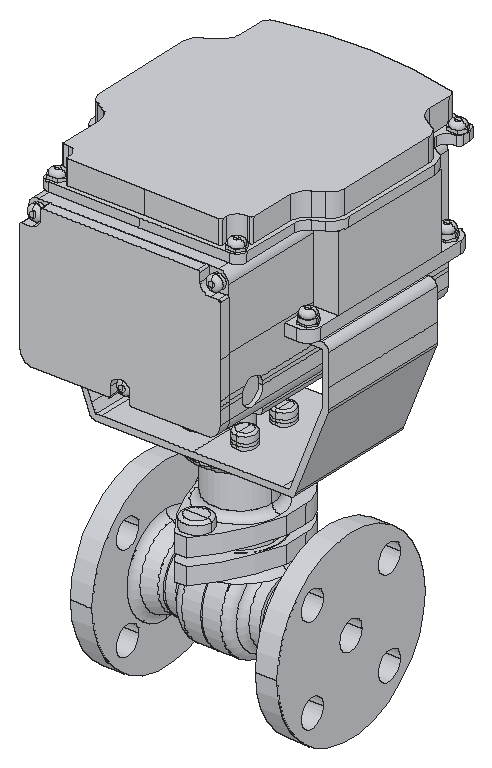
Revit family "電動二方弁(ロゴなし)", category Electrical Equipment, Revit 2022 (continued)
Automatic sketch dimensions
  Extrusion 41 sketch curve to Extrusion 41 sketch curve = 3.7 mm
  Extrusion 41 sketch curve to Extrusion 41 sketch curve = 7 mm
  plane 1 "中心(正面/背面)" to Extrusion 41 sketch curve = 36.395 mm
  Extrusion 41 sketch curve to plane 1 "中心(正面/背面)" = 60.605 mm
  Extrusion 41 sketch curve to Extrusion 41 sketch curve = 0.7 mm
  Extrusion 41 sketch curve to Extrusion 41 sketch curve = 7.785 mm
  Extrusion 41 sketch curve to Extrusion 41 sketch curve = 2.098 mm
  Extrusion 41 sketch curve to Extrusion 41 sketch curve = 0 mm
  Extrusion 41 sketch curve to Extrusion 41 sketch curve = 1.226 mm
  Extrusion 42 sketch curve to plane 3 "中心(左/右)" = 51.5 mm
  Extrusion 42 sketch curve to Extrusion 42 sketch curve = 5.8 mm
  Extrusion 42 sketch curve to Extrusion 42 sketch curve = 6 mm
  Extrusion 42 sketch curve to Extrusion 42 sketch curve = 6.5 mm
  Extrusion 42 sketch curve to Extrusion 42 sketch curve = 0.5 mm
  Extrusion 42 sketch curve to Extrusion 42 sketch curve = 3.7 mm
  Extrusion 42 sketch curve to Extrusion 42 sketch curve = 7 mm
  Extrusion 42 sketch curve to plane 1 "中心(正面/背面)" = 69.302 mm
  Extrusion 42 sketch curve to Extrusion 42 sketch curve = 0.212 mm
  Extrusion 42 sketch curve to Extrusion 42 sketch curve = 7.997 mm
  Extrusion 42 sketch curve to Extrusion 42 sketch curve = 0.7 mm
  plane 1 "中心(正面/背面)" to Extrusion 42 sketch curve = 29.395 mm
  Extrusion 42 sketch curve to Extrusion 42 sketch curve = 0 mm
  Extrusion 42 sketch curve to Extrusion 42 sketch curve = 1.226 mm
  Extrusion 43 sketch curve to plane 3 "中心(左/右)" = 64.592 mm
  Extrusion 43 sketch curve to Extrusion 43 sketch curve = 3.729 mm
  Extrusion 43 sketch curve to Extrusion 43 sketch curve = 1.085 mm  (x2)
  Extrusion 43 sketch curve to Extrusion 43 sketch curve = 2.797 mm  (x4)
  Extrusion 43 sketch curve to Extrusion 43 sketch curve = 7.85 mm
  Extrusion 43 sketch curve to Extrusion 43 sketch curve = 2.643 mm
  Extrusion 43 sketch curve to level = 130.361 mm
  Extrusion 43 sketch curve to Extrusion 43 sketch curve = 1.447 mm
  Extrusion 44 sketch curve to plane 3 "中心(左/右)" = 28.5 mm
  plane 3 "中心(左/右)" to Extrusion 44 sketch curve = 28.5 mm
  level to Extrusion 44 sketch curve = 161 mm
  Extrusion 44 sketch curve to Extrusion 44 sketch curve = 0.788 mm
  Revolve 45 sketch curve to plane 3 "中心(左/右)" = 60.5 mm
  Revolve 45 sketch curve to Revolve 45 sketch curve = 2.25 mm
  level to Revolve 45 sketch curve = 197.236 mm
  Revolve 45 sketch curve to Revolve 45 sketch curve = 2.264 mm
  Revolve 45 sketch curve to Revolve 45 sketch curve = 0 mm
  Revolve 45 sketch curve to Revolve 45 sketch curve = 0.936 mm
  Revolve 45 sketch curve to Revolve 45 sketch curve = 1.8 mm
  Revolve 46 sketch curve to plane 3 "中心(左/右)" = 60.5 mm
  Revolve 46 sketch curve to Revolve 46 sketch curve = 2.25 mm
  level to Revolve 46 sketch curve = 197.236 mm
  Revolve 46 sketch curve to Revolve 46 sketch curve = 2.264 mm
  Revolve 46 sketch curve to Revolve 46 sketch curve = 0 mm
  Revolve 46 sketch curve to Revolve 46 sketch curve = 0.936 mm
  Revolve 46 sketch curve to Revolve 46 sketch curve = 1.8 mm
  plane 3 "中心(左/右)" to Revolve 47 sketch curve = 56.375 mm
  Revolve 47 sketch curve to Revolve 47 sketch curve = 2.25 mm
  level to Revolve 47 sketch curve = 197.236 mm
  Revolve 47 sketch curve to Revolve 47 sketch curve = 2.264 mm
  Revolve 47 sketch curve to Revolve 47 sketch curve = 0 mm
  Revolve 47 sketch curve to Revolve 47 sketch curve = 0.936 mm
  Revolve 47 sketch curve to Revolve 47 sketch curve = 1.8 mm
  plane 3 "中心(左/右)" to Revolve 48 sketch curve = 56.375 mm
  Revolve 48 sketch curve to Revolve 48 sketch curve = 2.25 mm
  level to Revolve 48 sketch curve = 197.236 mm
  Revolve 48 sketch curve to Revolve 48 sketch curve = 2.264 mm
  Revolve 48 sketch curve to Revolve 48 sketch curve = 0 mm
  Revolve 48 sketch curve to Revolve 48 sketch curve = 0.936 mm
  Revolve 48 sketch curve to Revolve 48 sketch curve = 1.8 mm
  Extrusion 49 sketch curve to plane 1 "中心(正面/背面)" = 25.952 mm
  Extrusion 49 sketch curve to plane 3 "中心(左/右)" = 74.125 mm
  Extrusion 49 sketch curve to plane 1 "中心(正面/背面)" = 13.532 mm  (x2)
  Extrusion 49 sketch curve to plane 3 "中心(左/右)" = 23 mm
  Extrusion 49 sketch curve to plane 3 "中心(左/右)" = 6.954 mm
  Extrusion 49 sketch curve to plane 3 "中心(左/右)" = 3.046 mm
  Extrusion 49 sketch curve to plane 3 "中心(左/右)" = 1.923 mm
  plane 3 "中心(左/右)" to Extrusion 49 sketch curve = 1.923 mm
  plane 3 "中心(左/右)" to Extrusion 49 sketch curve = 3.046 mm
  plane 3 "中心(左/右)" to Extrusion 49 sketch curve = 6.954 mm
  Extrusion 49 sketch curve to Extrusion 49 sketch curve = 51.125 mm
  Extrusion 49 sketch curve to plane 1 "中心(正面/背面)" = 1.214 mm  (x2)
  Revolve 50 sketch curve to plane 3 "中心(左/右)" = 0 mm  (x2)
  Revolve 50 sketch curve to plane 3 "中心(左/右)" = 23 mm
  Revolve 50 sketch curve to Revolve 50 sketch curve = 2 mm  (x2)
  level to Revolve 50 sketch curve = 115.3 mm
  Revolve 50 sketch curve to Revolve 50 sketch curve = 5.2 mm
  Revolve 50 sketch curve to Revolve 50 sketch curve = 0.2 mm
  Extrusion 51 sketch curve to plane 1 "中心(正面/背面)" = 25.952 mm
  Extrusion 51 sketch curve to plane 3 "中心(左/右)" = 74.125 mm
  Extrusion 51 sketch curve to plane 1 "中心(正面/背面)" = 13.532 mm  (x2)
  Extrusion 51 sketch curve to plane 3 "中心(左/右)" = 23 mm
  Extrusion 51 sketch curve to plane 3 "中心(左/右)" = 6.954 mm
  Extrusion 51 sketch curve to plane 3 "中心(左/右)" = 3.046 mm
  Extrusion 51 sketch curve to plane 3 "中心(左/右)" = 1.923 mm
  plane 3 "中心(左/右)" to Extrusion 51 sketch curve = 1.923 mm
  plane 3 "中心(左/右)" to Extrusion 51 sketch curve = 3.046 mm
  plane 3 "中心(左/右)" to Extrusion 51 sketch curve = 6.954 mm
  Extrusion 51 sketch curve to Extrusion 51 sketch curve = 51.125 mm
  Extrusion 51 sketch curve to plane 1 "中心(正面/背面)" = 1.214 mm  (x2)
  Revolve 52 sketch curve to plane 3 "中心(左/右)" = 0 mm  (x2)
  Revolve 52 sketch curve to plane 3 "中心(左/右)" = 17.5 mm
  level to Revolve 52 sketch curve = 77 mm
  Revolve 52 sketch curve to Revolve 52 sketch curve = 4.3 mm
  Revolve 52 sketch curve to Revolve 52 sketch curve = 0 mm  (x2)
  Extrusion 53 sketch curve to plane 1 "中心(正面/背面)" = 24.749 mm
  level to Extrusion 53 sketch curve = 72.249 mm
  Extrusion 54 sketch curve to plane 1 "中心(正面/背面)" = 24.749 mm
  level to Extrusion 54 sketch curve = 22.751 mm
  plane 1 "中心(正面/背面)" to Extrusion 55 sketch curve = 24.749 mm
  level to Extrusion 55 sketch curve = 22.751 mm
  plane 1 "中心(正面/背面)" to Extrusion 56 sketch curve = 24.749 mm
  level to Extrusion 56 sketch curve = 22.751 mm
  Extrusion 57 sketch curve to plane 1 "中心(正面/背面)" = 0 mm
  level to Extrusion 57 sketch curve = 47.5 mm
  plane 1 "中心(正面/背面)" to Revolve 58 sketch curve = 75.7 mm
  Revolve 58 sketch curve to Revolve 58 sketch curve = 2 mm
  Revolve 58 sketch curve to Revolve 58 sketch curve = 0.6 mm
  level to Revolve 58 sketch curve = 238.5 mm
  Revolve 58 sketch curve to Revolve 58 sketch curve = 1.75 mm
  Revolve 58 sketch curve to Revolve 58 sketch curve = 0 mm  (x3)
  plane 1 "中心(正面/背面)" to Revolve 59 sketch curve = 73.1 mm
  Revolve 59 sketch curve to Revolve 59 sketch curve = 1.6 mm
  level to Revolve 59 sketch curve = 238.5 mm
  Revolve 59 sketch curve to Revolve 59 sketch curve = 3.75 mm
  Revolve 59 sketch curve to Revolve 59 sketch curve = 0 mm  (x3)
  plane 1 "中心(正面/背面)" to Revolve 60 sketch curve = 75.7 mm
  Revolve 60 sketch curve to Revolve 60 sketch curve = 2 mm
  Revolve 60 sketch curve to Revolve 60 sketch curve = 0.6 mm
  level to Revolve 60 sketch curve = 238.5 mm
  Revolve 60 sketch curve to Revolve 60 sketch curve = 1.75 mm
  Revolve 60 sketch curve to Revolve 60 sketch curve = 0 mm  (x3)
  plane 1 "中心(正面/背面)" to Revolve 61 sketch curve = 73.1 mm
  Revolve 61 sketch curve to Revolve 61 sketch curve = 1.6 mm
  level to Revolve 61 sketch curve = 238.5 mm
  Revolve 61 sketch curve to Revolve 61 sketch curve = 3.75 mm
  Revolve 61 sketch curve to Revolve 61 sketch curve = 0 mm  (x3)
  plane 1 "中心(正面/背面)" to Revolve 62 sketch curve = 75.7 mm
  Revolve 62 sketch curve to Revolve 62 sketch curve = 2 mm
  Revolve 62 sketch curve to Revolve 62 sketch curve = 0.6 mm
  level to Revolve 62 sketch curve = 174.5 mm
  Revolve 62 sketch curve to Revolve 62 sketch curve = 1.75 mm
  Revolve 62 sketch curve to Revolve 62 sketch curve = 0 mm  (x3)
  plane 1 "中心(正面/背面)" to Revolve 63 sketch curve = 73.1 mm
  Revolve 63 sketch curve to Revolve 63 sketch curve = 1.6 mm
  level to Revolve 63 sketch curve = 174.5 mm
  Revolve 63 sketch curve to Revolve 63 sketch curve = 3.75 mm
  Revolve 63 sketch curve to Revolve 63 sketch curve = 0 mm  (x3)
  Extrusion 64 sketch curve to plane 3 "中心(左/右)" = 65 mm
  Extrusion 64 sketch curve to Extrusion 64 sketch curve = 13.382 mm
  Extrusion 64 sketch curve to Extrusion 64 sketch curve = 5.3 mm  (x2)
  level to Extrusion 64 sketch curve = 205.5 mm
  Extrusion 64 sketch curve to Extrusion 64 sketch curve = 33.2 mm
  Extrusion 64 sketch curve to Extrusion 64 sketch curve = 0 mm
  Extrusion 65 sketch curve to plane 3 "中心(左/右)" = 65 mm
  Extrusion 65 sketch curve to Extrusion 65 sketch curve = 13.382 mm
  Extrusion 65 sketch curve to Extrusion 65 sketch curve = 5.3 mm  (x2)
  Extrusion 65 sketch curve to level = 205.5 mm
  Extrusion 65 sketch curve to Extrusion 65 sketch curve = 33.2 mm
  Extrusion 65 sketch curve to Extrusion 65 sketch curve = 0 mm
  Revolve 66 sketch curve to plane 3 "中心(左/右)" = 61.28 mm
  Revolve 66 sketch curve to Revolve 66 sketch curve = 1.501 mm
  Revolve 66 sketch curve to Revolve 66 sketch curve = 1.75 mm
  level to Revolve 66 sketch curve = 208.5 mm
  Revolve 66 sketch curve to Revolve 66 sketch curve = 1.322 mm
  Revolve 66 sketch curve to Revolve 66 sketch curve = 0 mm  (x2)
  Revolve 66 sketch curve to Revolve 66 sketch curve = 0.722 mm
  Extrusion 67 sketch curve to plane 3 "中心(左/右)" = 58 mm
  Extrusion 67 sketch curve to plane 1 "中心(正面/背面)" = 59.98 mm
  Extrusion 68 sketch curve to plane 3 "中心(左/右)" = 62.907 mm
  Extrusion 68 sketch curve to Extrusion 68 sketch curve = 2.454 mm  (x5)
  Extrusion 68 sketch curve to Extrusion 68 sketch curve = 4.907 mm
  Extrusion 68 sketch curve to plane 1 "中心(正面/背面)" = 55.73 mm
  Extrusion 68 sketch curve to Extrusion 68 sketch curve = 4.25 mm  (x3)
  Revolve 69 sketch curve to plane 3 "中心(左/右)" = 61.28 mm
  Revolve 69 sketch curve to Revolve 69 sketch curve = 1.501 mm
  Revolve 69 sketch curve to Revolve 69 sketch curve = 1.75 mm
  level to Revolve 69 sketch curve = 208.5 mm
  Revolve 69 sketch curve to Revolve 69 sketch curve = 1.322 mm
  Revolve 69 sketch curve to Revolve 69 sketch curve = 0 mm  (x2)
  Revolve 69 sketch curve to Revolve 69 sketch curve = 0.722 mm
  plane 3 "中心(左/右)" to Extrusion 70 sketch curve = 58.5 mm
  plane 1 "中心(正面/背面)" to Extrusion 70 sketch curve = 29.395 mm
  plane 3 "中心(左/右)" to Extrusion 71 sketch curve = 53.593 mm
  plane 1 "中心(正面/背面)" to Extrusion 71 sketch curve = 25.145 mm
  Extrusion 71 sketch curve to Extrusion 71 sketch curve = 2.454 mm  (x5)
  Extrusion 71 sketch curve to Extrusion 71 sketch curve = 4.907 mm
  plane 1 "中心(正面/背面)" to Extrusion 71 sketch curve = 29.395 mm
  Extrusion 71 sketch curve to Extrusion 71 sketch curve = 4.25 mm  (x2)
  plane 3 "中心(左/右)" to Revolve 72 sketch curve = 55.22 mm
  Revolve 72 sketch curve to Revolve 72 sketch curve = 1.501 mm
  Revolve 72 sketch curve to Revolve 72 sketch curve = 1.75 mm
  level to Revolve 72 sketch curve = 208.5 mm
  Revolve 72 sketch curve to Revolve 72 sketch curve = 1.322 mm
  Revolve 72 sketch curve to Revolve 72 sketch curve = 0 mm  (x2)
  Revolve 72 sketch curve to Revolve 72 sketch curve = 0.722 mm
  plane 3 "中心(左/右)" to Extrusion 73 sketch curve = 58.5 mm
  Extrusion 73 sketch curve to plane 1 "中心(正面/背面)" = 59.98 mm
  plane 3 "中心(左/右)" to Extrusion 74 sketch curve = 53.593 mm
  Extrusion 74 sketch curve to Extrusion 74 sketch curve = 2.454 mm  (x5)
  Extrusion 74 sketch curve to Extrusion 74 sketch curve = 4.907 mm
  Extrusion 74 sketch curve to plane 1 "中心(正面/背面)" = 55.73 mm
  Extrusion 74 sketch curve to Extrusion 74 sketch curve = 4.25 mm  (x3)
  plane 3 "中心(左/右)" to Revolve 75 sketch curve = 55.22 mm
  Revolve 75 sketch curve to Revolve 75 sketch curve = 1.501 mm
  Revolve 75 sketch curve to Revolve 75 sketch curve = 1.75 mm
  level to Revolve 75 sketch curve = 208.5 mm
  Revolve 75 sketch curve to Revolve 75 sketch curve = 1.322 mm
  Revolve 75 sketch curve to Revolve 75 sketch curve = 0 mm  (x2)
  Revolve 75 sketch curve to Revolve 75 sketch curve = 0.722 mm
  plane 3 "中心(左/右)" to Revolve 76 sketch curve = 50.936 mm
  Revolve 76 sketch curve to Revolve 76 sketch curve = 1.908 mm
  Revolve 76 sketch curve to Revolve 76 sketch curve = 1.75 mm
  level to Revolve 76 sketch curve = 250.1 mm
  Revolve 76 sketch curve to Revolve 76 sketch curve = 0.6 mm
  Revolve 76 sketch curve to Revolve 76 sketch curve = 0 mm  (x3)
  Revolve 77 sketch curve to plane 3 "中心(左/右)" = 57.314 mm
  Revolve 77 sketch curve to Revolve 77 sketch curve = 1.908 mm
  Revolve 77 sketch curve to Revolve 77 sketch curve = 1.75 mm
  level to Revolve 77 sketch curve = 250.1 mm
  Revolve 77 sketch curve to Revolve 77 sketch curve = 0.6 mm
  Revolve 77 sketch curve to Revolve 77 sketch curve = 0 mm  (x3)
  plane 3 "中心(左/右)" to Extrusion 78 sketch curve = 49.531 mm
  Extrusion 78 sketch curve to Extrusion 78 sketch curve = 2.133 mm  (x2)
  Extrusion 78 sketch curve to Extrusion 78 sketch curve = 2.177 mm
  Extrusion 78 sketch curve to Extrusion 78 sketch curve = 2.731 mm  (x2)
  Extrusion 78 sketch curve to Extrusion 78 sketch curve = 5.55 mm
  Extrusion 78 sketch curve to plane 1 "中心(正面/背面)" = 68.153 mm
  Extrusion 78 sketch curve to Extrusion 78 sketch curve = 3.694 mm  (x2)
  Extrusion 78 sketch curve to Extrusion 78 sketch curve = 3.771 mm
  Extrusion 79 sketch curve to plane 3 "中心(左/右)" = 58.719 mm
  Extrusion 79 sketch curve to Extrusion 79 sketch curve = 2.133 mm  (x2)
  Extrusion 79 sketch curve to Extrusion 79 sketch curve = 2.177 mm
  Extrusion 79 sketch curve to Extrusion 79 sketch curve = 2.731 mm  (x2)
  Extrusion 79 sketch curve to Extrusion 79 sketch curve = 5.55 mm
  Extrusion 79 sketch curve to plane 1 "中心(正面/背面)" = 68.153 mm
  Extrusion 79 sketch curve to Extrusion 79 sketch curve = 3.694 mm  (x2)
  Extrusion 79 sketch curve to Extrusion 79 sketch curve = 3.771 mm
  Extrusion 1 sketch curve to plane 1 "中心(正面/背面)" = 0 mm
  level to Extrusion 1 sketch curve = 47.437 mm
  Extrusion 7 sketch curve to plane 1 "中心(正面/背面)" = 0 mm
  level to Extrusion 7 sketch curve = 47.437 mm
  plane 1 "中心(正面/背面)" to Extrusion 80 sketch curve = 56.39 mm
  level to Extrusion 80 sketch curve = 182.782 mm
  plane 1 "中心(正面/背面)" to Extrusion 81 sketch curve = 56.39 mm
  level to Extrusion 81 sketch curve = 182.782 mm
  radius of Extrusion 2 sketch curve = 7.5 mm
  radius of Extrusion 3 sketch curve = 7.5 mm
  radius of Extrusion 4 sketch curve = 7.5 mm
  radius of Extrusion 5 sketch curve = 7.5 mm
  radius of Extrusion 6 sketch curve = 7.5 mm
  radius of Extrusion 8 sketch curve = 7.5 mm
  radius of Extrusion 12 sketch curve = 4.25 mm
  radius of Extrusion 53 sketch curve = 7.5 mm
  radius of Extrusion 54 sketch curve = 7.5 mm
  radius of Extrusion 55 sketch curve = 7.5 mm
  radius of Extrusion 56 sketch curve = 7.5 mm
  radius of Extrusion 57 sketch curve = 7.5 mm
  radius of Extrusion 67 sketch curve = 4.25 mm
  radius of Extrusion 70 sketch curve = 4.25 mm
  radius of Extrusion 73 sketch curve = 4.25 mm
Connectors
  cabletrayconduit at (-48.8, -56.39, 182.782), diameter 14.031, driven by "配線φ(左側)"
    settings: on cut or joined group of Extrusion 22, Extrusion 80, Extrusion 81, index 3, connector width 300 mm, connector height 300 mm, connector angle 0.00°, system type 32, placement type 0, profile type 0, connector reference index -1, is primary connector yes, connector utility param no, connector description ""
  cabletrayconduit at (-48.8, -56.39, 182.782), diameter 14.031, driven by "配線φ(左側)"
    settings: on cut or joined group of Extrusion 22, Extrusion 80, Extrusion 81, index 4, connector width 300 mm, connector height 300 mm, connector angle 0.00°, system type 32, placement type 0, profile type 0, connector reference index -1, is primary connector no, connector utility param no, connector description ""
  cabletrayconduit at (48.8, -56.39, 182.782), diameter 14.031, driven by "配線φ(右側)"
    settings: on cut or joined group of Extrusion 22, Extrusion 80, Extrusion 81, index 5, connector width 300 mm, connector height 300 mm, connector angle 0.00°, system type 32, placement type 0, profile type 0, connector reference index -1, is primary connector no, connector utility param no, connector description ""
